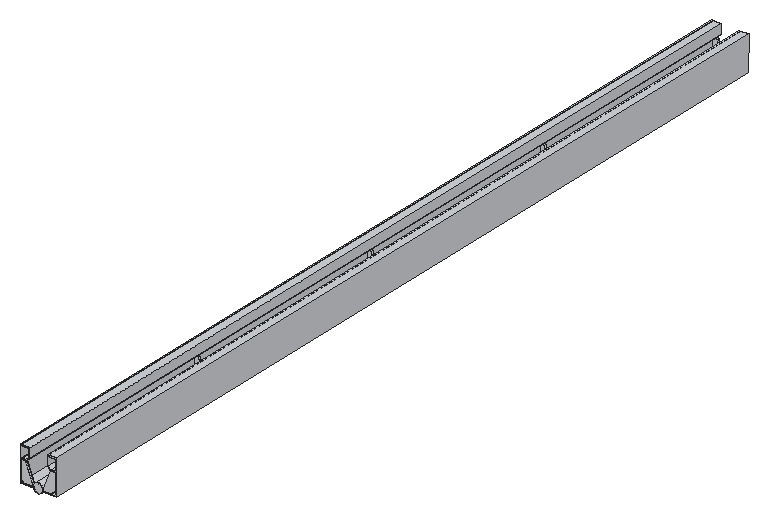
Revit family "LGW_LGW HINGED OUT CORNER 2,4_1923530", category Generic Models, Revit 2018
Family settings
  Can host rebar = No
  Round Connector Dimension = Use Diameter
  Part Type = Normal
  OmniClass Number = 35.51.14.00
  OmniClass Title = FORMWORK
  Work Plane-Based = Yes
  Always vertical = No
  Cut with Voids When Loaded = No
  Shared = Yes
  Room Calculation Point = No
Parameters
  VERSION = "20190101"  # constant formula
  URL = "www.ulmaconstruction.com/en"
  UNICLASS = ""
  REAL ANGLE [instance] = if(ANGLE < 40.00°, 40.00°, if(ANGLE < 180.00°, ANGLE, 180.00°))  # 180.00°
  ITEM_CODE = "1923530"
  Manufacturer = "ULMA CONSTRUCTION"  # constant formula
  INSERTION PLANE [instance] = if(REAL ANGLE = 180.00°, 0.000 mm, (4.000 mm) / cos(90.00° - REAL ANGLE) + 4.000 mm * tan(90.00° - REAL ANGLE))  # 0.000 mm
  FILTER [instance] = ""
  Default Elevation = 0.000 mm
  CLASSIFICATION_TITLE = ""
  CLASSIFICATION_NUMBER = ""
  ANGLE [instance] = 180.00°
Reference planes
  plane 1 "Centro (Frontal/Posterior)": y = 0
  plane 2: z = 0
  plane 3 "Centro (Izquierda/Derecha)": x = 0
  plane 4 "ITEM_HEIGHT": y = 2400
  plane 5 "CENTER": z = 4
  plane 6 "INSERTION PLANE": x = 0
Lines and regions (mm)
  reference lines
    curve 1: line (0, 0, 4) -> (209.588, 0, 4)
Dimensions and locks
  locked: plane 1 "Centro (Frontal/Posterior)" to plane 4 "ITEM_HEIGHT" at 2400
  locked: plane 5 "CENTER" to plane 2 at 4
  "INSERTION PLANE": plane 3 "Centro (Izquierda/Derecha)" to plane 6 "INSERTION PLANE"
  "REAL ANGLE": angle plane 5 "CENTER" to curve 1
  aligned and locked: level to plane 2
  aligned and locked: plane 3 "Centro (Izquierda/Derecha)" to curve 1
  aligned and locked: plane 5 "CENTER" to curve 1
  aligned and locked: plane 4 "ITEM_HEIGHT" to nested 2
Nested families
  nested 1: "MEDIA ESCUADRA EXT 2400 - 1923552_PANELS" at (0, 0, 0), type "MEDIA ESCUADRA EXT 2400 - 1923552_PANELS"
    with FILTER ""
  nested 2: "MEDIA ESCUADRA EXT 2400 - 1923552_PANELS" at (0, 2400, 0) x (-1, 0, 0) z (0, 0, 1), type "MEDIA ESCUADRA EXT 2400 - 1923552_PANELS"
    with FILTER ""
Definition of nested family "MEDIA ESCUADRA EXT 2400 - 1923552_PANELS"
  Parameters (values of type "MEDIA ESCUADRA EXT 2400 - 1923552_PANELS")
    VERSION = "20190101"  # constant formula
    URL = "www.ulmaconstruction.com/en"
    UNICLASS = ""
    Manufacturer = "ULMA CONSTRUCTION"  # constant formula
    FILTER [instance] = ""
    Default Elevation = 0.000 mm
    CLASSIFICATION_TITLE = ""
    CLASSIFICATION_NUMBER = ""
  Reference planes
    plane 1 "Centro (Frontal/Posterior)": y = 0
    plane 2: z = 0
    plane 3 "Centro (Izquierda/Derecha)": x = 0
  Forms (mm)
    Extrusion 1, solid, detail levels fine
      sketch origin (0, 0, 0) x (1, 0, 0) y (0, 0, 1)
        loop
          line (-47.5, 59) -> (-34, 59) -> (-25, 68) -> (-25, 96.5) -> (-50, 96.5) -> (-50, 0) -> (-12.6, 0) -> (-12.6, 2.5) -> (-47.5, 2.5) -> (-47.5, 59)
        loop
          line (-27.5, 94) -> (-47.5, 94) -> (-47.5, 61.5) -> (-35.036, 61.5) -> (-27.5, 69.036) -> (-27.5, 94)
      from -2400 to 0
    Extrusion 2, solid
      sketch origin (0, 0, 0) x (1, 0, 0) y (0, 0, 1)
        loop
          circle (0, 4) r 12.5
      from -2400 to 0
    Extrusion 3, solid, detail levels fine
      sketch origin (0, 0, 0) x (1, 0, 0) y (0, 0, 1)
        loop
          line (-13.5, 2.5) -> (-35.5, 59) -> (-47.5, 59) -> (-47.5, 12.5) -> (-37.5, 2.5) -> (-13.5, 2.5)
      from -4 to 0
    Extrusion 4, solid, detail levels fine
      sketch origin (0, 575, 0) x (1, 0, 0) y (0, 0, 1)
        loop
          line (-13.5, 2.5) -> (-35.5, 59) -> (-47.5, 59) -> (-47.5, 12.5) -> (-37.5, 2.5) -> (-13.5, 2.5)
      from -27 to -23
    Extrusion 5, solid, detail levels fine
      sketch origin (0, 1175, 0) x (1, 0, 0) y (0, 0, 1)
        loop
          line (-13.5, 2.5) -> (-35.5, 59) -> (-47.5, 59) -> (-47.5, 12.5) -> (-37.5, 2.5) -> (-13.5, 2.5)
      from -27 to -23
    Extrusion 6, solid, detail levels fine
      sketch origin (0, 1775, 0) x (1, 0, 0) y (0, 0, 1)
        loop
          line (-13.5, 2.5) -> (-35.5, 59) -> (-47.5, 59) -> (-47.5, 12.5) -> (-37.5, 2.5) -> (-13.5, 2.5)
      from -27 to -23
    Extrusion 7, solid, detail levels fine
      sketch origin (0, 2380, 0) x (1, 0, 0) y (0, 0, 1)
        loop
          line (-13.5, 2.5) -> (-35.5, 59) -> (-47.5, 59) -> (-47.5, 12.5) -> (-37.5, 2.5) -> (-13.5, 2.5)
      from -20 to -16
    Extrusion 8, solid, detail levels coarse+medium
      sketch origin (0, 0, 0) x (1, 0, 0) y (0, 0, 1)
        loop
          line (-50, 96.5) -> (-50, 0) -> (-12.6, 0) -> (-34, 59) -> (-25, 68) -> (-25, 96.5) -> (-50, 96.5)
      from -2400 to 0
  Lines and regions (mm)
    model lines, detail levels fine
      curve 1: circle (-47.5, 1950, 42) r 10 normal (1, 0, 0)
      curve 2: circle (-47.5, 1450, 42) r 10 normal (1, 0, 0)
      curve 3: circle (-47.5, 950, 42) r 10 normal (1, 0, 0)
      curve 4: circle (-47.5, 450, 42) r 10 normal (1, 0, 0)
      curve 5: circle (-50, 1950, 42) r 10 normal (1, 0, 0)
      curve 6: circle (-50, 1450, 42) r 10 normal (1, 0, 0)
      curve 7: circle (-50, 950, 42) r 10 normal (1, 0, 0)
      curve 8: circle (-50, 450, 42) r 10 normal (1, 0, 0)
  Dimensions and locks
    aligned and locked: level to plane 2
